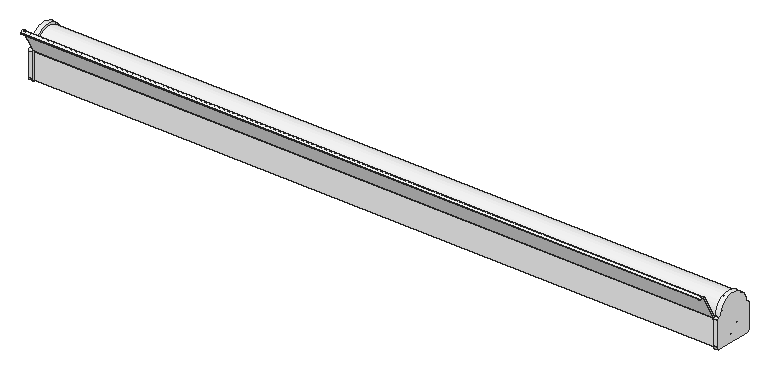
Revit family "0045197+0045234 Feilo Sylvania Lighting Fixture SYLBATTEN LED5-5 6000K DALI TP5 with ASYMMETRIC REFLECTOR ACCESSORY 1200MM", category Lighting Fixtures, host Face, Revit 2017
Family settings
  Host = Face
  Round Connector Dimension = Use Diameter
  Part Type = Normal
  OmniClass Number = 23.80.70.00
  OmniClass Title = Lighting
  Cut with Voids When Loaded = No
  Light Source = Yes
  Shared = No
  Room Calculation Point = No
Parameters (values of type "0045197 SYLBATTEN LED5.5 6000K DALI TP5")
  Width_FEILO = 66 mm
  Weight = "2.684 kg"
  Wattage Comments = "n/a"
  Wattage = 53 W
  WarrantyStartDate [instance] = "n/a"
  WarrantyGuarantorParts = "n/a"
  WarrantyDurationUnit = "n/a"
  WarrantyDurationParts = "n/a"
  WarrantyDescription = "n/a"
  built-in parameter 1150110 = 1 (stored number, unit not read)
  Voltage = 230 V
  URL = "http://www.sylvania-lighting.com"
  TypeName = "SYLBATTEN LED5.5 6000K DALI TP5"
  Type Image = <None>
  Type Comments = "n/a"
  built-in parameter 1114217 = 1 (stored number, unit not read)
  Tilt Angle = -90.00°
  built-in parameter 1150109 = 1 (stored number, unit not read)
  built-in parameter 1150134 = 5
  SymReflector_FEILO = no
  built-in parameter 1150113 = 1 (stored number, unit not read)
  SerialNumber [instance] = "n/a"
  PowerFactor = 0
  PowerConsumption = "53 W"
  Photometric Web File = "0045197+0045234.ies"
  NominalLength = 1205 mm
  NominalHeight = 76 mm
  NominalDepth = 66 mm
  Name = "SYLBATTEN LED5.5 6000K DALI TP5"
  ModelReference = Name  # "SYLBATTEN LED5.5 6000K DALI TP5"
  ModelNumber = "0045197"
  Model = Name  # "SYLBATTEN LED5.5 6000K DALI TP5"
  Material_4_FEILO = Reflector-Sylvania-Sylbatten-White
  Material_3_FEILO = Diffuser-Sylvania-Sylbatten-Glow
  Material_2_FEILO = Body-Sylvania-Sylbatten-White
  Material_1_FEILO = Body-Sylvania-Sylbatten-White
  Material = "sheet steel housing, polycarbonate diffuser"
  ManufacturerName = "Feilo Sylvania"
  Manufacturer = "Feilo Sylvania"
  LuminousEfficacy = "111 lm/W"
  built-in parameter 1150105 = 468.15 (stored number, unit not read)
  Lumens = 5883 lm
  LuminaireType = ""
  built-in parameter 1150115 = 1 (stored number, unit not read)
  LightOutputRatio = "100"
  built-in parameter 1150137 = (empty or 0)
  built-in parameter 1150139 = (empty or 0)
  Length_FEILO = 1205 mm
  LampsType = Lamp  # "LED"
  LampNominalLuminous = "5883 lm"
  LampMacAdamStep = "n/a"
  LampColourTemperature = "6000 K"
  LampColourRenderingIndex = "80"
  built-in parameter 1150112 = 1 (stored number, unit not read)
  built-in parameter 1150114 = 1 (stored number, unit not read)
  Lamp = "LED"
  Keynote = "16500"
  InstallationDate [instance] = "n/a"
  InputVoltage = "220-240V~"
  InputNominalFrequency = "n/a"
  built-in parameter 1150132 = (empty or 0)
  built-in parameter 1150102 = (empty or 0)
  built-in parameter 1150107 = 6000 (stored number, unit not read)
  built-in parameter 1150138 = (empty or 0)
  IngressProtection = "IP20"
  ImpactProtectionIndex = "IK07"
  built-in parameter 1150106 = 4.6815 (stored number, unit not read)
  IfcExportType = "IfcLightFixtureType"
  IfcExportAs = "IfcLightFixtureType"
  Height_FEILO = 76 mm
  ExpectedLife = 50000
  Emit from Rectangle Width = Length_FEILO - 16 mm  # 1189 mm
  Emit from Rectangle Length = Width_FEILO - 40 mm  # 26 mm
  Emit Shape Visible in Rendering = no
  ElectricShockClassification = "Class I"
  built-in parameter 1150104 = 10.312 (stored number, unit not read)
  DurationUnit = "hours"
  DocumentationLiterature = "http://www.sylvania-lighting.com/product/en-int/products/0045197"
  DimmingControlOptions = "Dimmable"
  Dimming Lamp Color Temperature Shift = <None>
  Description = "LED batten, T8 replacement, ease of installation through 2 part push-in design of the housing (safety cable included), through wiring capability (TP5 = 5 core), sheet steel, 5883LM, 53W, 111lm/W, 6000K, drive current: 350mA, CRI 80, 138° wide beam angle, DALI dimmable, IP20, IK07, 50,000 hrs (L70), (LxWxH) 1205x66x76mm, 5 step MacAdam ellipse, 3kg, white RAL 9016, Class 1, 220-240V, energy class: A++, A+, A."
  Default Elevation = 1219.2 mm
  CreatedOn = "2/22/2018"
  CreatedBy = ""
  Cost = 0
  Color Filter = 16777215
  built-in parameter 1114216 [instance] = (empty or 0)
  ClassificationValue = "EF_70_80"
  ClassificationName = "Uniclass2015"
  CapOffset_FEILO = 2 mm
  BarCode [instance] = "n/a"
  built-in parameter 1114218 = 1 (stored number, unit not read)
  BackReflector_FEILO = and(not(AsymReflector_FEILO), SymReflector_FEILO)  # no
  built-in parameter 1150133 = 10 (stored number, unit not read)
  FrontReflector_FEILO = or(AsymReflector_FEILO, SymReflector_FEILO)  # yes
  AsymReflector_FEILO = yes
  AssetType = "Fixed"
  AssetIdentifier [instance] = "n/a"
  Assembly Code = "D5020200"
  Apparent Load = 53 VA
Reference planes
  plane 1 "Center (Front/Back)": y = 0
  plane 2: z = 0
  plane 3 "Center (Left/Right)": x = 0
  plane 4: x = 602.5
  plane 5: x = -602.5
  plane 6: y = 33
  plane 7: y = -33
  plane 8: z = 76
  plane 9: z = 47
  plane 10: y = -29
  plane 11: y = 29
  plane 12: z = 20
  plane 13: z = 74
  plane 14: y = -31
  plane 15: y = -27
  plane 16: y = 27
  plane 17: y = 31
  plane 18: z = 2
  plane 19: x = -594.5
  plane 20: x = 594.5
  plane 21: z = 49
  plane 22: y = 1
  plane 23: y = -1
  plane 24: z = 21
  plane 25: z = 19
  plane 26: y = -61
  plane 27: y = 61
  plane 28: y = -56
  plane 29: y = 56
  plane 30: z = 91
  plane 31: z = 88
Forms (mm)
  Extrusion 1, solid, material "Body-Sylvania-Sylbatten-White" <- "Material_2_FEILO"
    sketch origin (0, 0, 0) x (0, 1, 0) y (0, 0, 1)
      loop
        line (-31, 2) -> (31, 2) -> (31, 45)
        arc (31, 45) -> (30.414, 46.414) -> (29, 47) r 2
        line (29, 47) -> (27, 47)
        arc (27, 47) -> (0, 74) -> (-27, 47) r 27
        line (-27, 47) -> (-29, 47)
        arc (-29, 47) -> (-30.414, 46.414) -> (-31, 45) r 2
        line (-31, 45) -> (-31, 2)
    from -594.5 to 594.5
  Extrusion 2, solid, material "Body-Sylvania-Sylbatten-White" <- "Material_2_FEILO"
    sketch origin (602.5, 1524, 1219.2) x (0, 1, 0) y (0, 0, 1)
      loop
        arc (-1494, -1219.2) -> (-1491.879, -1218.321) -> (-1491, -1216.2) r 3
        line (-1491, -1216.2) -> (-1491, -1173.2)
        arc (-1491, -1173.2) -> (-1491.879, -1171.079) -> (-1494, -1170.2) r 3
        line (-1494, -1170.2) -> (-1495.069, -1170.2)
        arc (-1495.069, -1170.2) -> (-1524, -1143.2) -> (-1552.931, -1170.2) r 29
        line (-1552.931, -1170.2) -> (-1554, -1170.2)
        arc (-1554, -1170.2) -> (-1556.121, -1171.079) -> (-1557, -1173.2) r 3
        line (-1557, -1173.2) -> (-1557, -1216.2)
        arc (-1557, -1216.2) -> (-1556.121, -1218.321) -> (-1554, -1219.2) r 3
        line (-1554, -1219.2) -> (-1494, -1219.2)
      loop
        arc (-1525, -1189.25) -> (-1531.071, -1192.129) -> (-1533.95, -1198.2) r 10
        line (-1533.95, -1198.2) -> (-1532.944, -1198.2)
        arc (-1532.944, -1198.2) -> (-1530.364, -1192.836) -> (-1525, -1190.256) r 9
        line (-1525, -1190.256) -> (-1525, -1189.25)
      loop
        arc (-1523, -1190.256) -> (-1517.636, -1192.836) -> (-1515.056, -1198.2) r 9
        line (-1515.056, -1198.2) -> (-1514.05, -1198.2)
        arc (-1514.05, -1198.2) -> (-1516.929, -1192.129) -> (-1523, -1189.25) r 10
        line (-1523, -1189.25) -> (-1523, -1190.256)
      loop
        line (-1532.944, -1200.2) -> (-1533.95, -1200.2)
        arc (-1533.95, -1200.2) -> (-1531.071, -1206.271) -> (-1525, -1209.15) r 10
        line (-1525, -1209.15) -> (-1525, -1208.144)
        arc (-1525, -1208.144) -> (-1530.364, -1205.564) -> (-1532.944, -1200.2) r 9
      loop
        arc (-1515.056, -1200.2) -> (-1517.636, -1205.564) -> (-1523, -1208.144) r 9
        line (-1523, -1208.144) -> (-1523, -1209.15)
        arc (-1523, -1209.15) -> (-1516.929, -1206.271) -> (-1514.05, -1200.2) r 10
        line (-1514.05, -1200.2) -> (-1515.056, -1200.2)
    from 0 to -8
  Extrusion 3, solid, material "Body-Sylvania-Sylbatten-White" <- "Material_2_FEILO"
    sketch origin (-602.5, 1524, 1219.2) x (0, 1, 0) y (0, 0, 1)
      loop
        arc (-1495.069, -1170.2) -> (-1524, -1143.2) -> (-1552.931, -1170.2) r 29
        line (-1552.931, -1170.2) -> (-1554, -1170.2)
        arc (-1554, -1170.2) -> (-1556.121, -1171.079) -> (-1557, -1173.2) r 3
        line (-1557, -1173.2) -> (-1557, -1216.2)
        arc (-1557, -1216.2) -> (-1556.121, -1218.321) -> (-1554, -1219.2) r 3
        line (-1554, -1219.2) -> (-1494, -1219.2)
        arc (-1494, -1219.2) -> (-1491.879, -1218.321) -> (-1491, -1216.2) r 3
        line (-1491, -1216.2) -> (-1491, -1173.2)
        arc (-1491, -1173.2) -> (-1491.879, -1171.079) -> (-1494, -1170.2) r 3
        line (-1494, -1170.2) -> (-1495.069, -1170.2)
      loop
        line (-1533.95, -1198.2) -> (-1532.944, -1198.2)
        arc (-1532.944, -1198.2) -> (-1530.364, -1192.836) -> (-1525, -1190.256) r 9
        line (-1525, -1190.256) -> (-1525, -1189.25)
        arc (-1525, -1189.25) -> (-1531.071, -1192.129) -> (-1533.95, -1198.2) r 10
      loop
        line (-1523, -1189.25) -> (-1523, -1190.256)
        arc (-1523, -1190.256) -> (-1517.636, -1192.836) -> (-1515.056, -1198.2) r 9
        line (-1515.056, -1198.2) -> (-1514.05, -1198.2)
        arc (-1514.05, -1198.2) -> (-1516.929, -1192.129) -> (-1523, -1189.25) r 10
      loop
        line (-1514.05, -1200.2) -> (-1515.056, -1200.2)
        arc (-1515.056, -1200.2) -> (-1517.636, -1205.564) -> (-1523, -1208.144) r 9
        line (-1523, -1208.144) -> (-1523, -1209.15)
        arc (-1523, -1209.15) -> (-1516.929, -1206.271) -> (-1514.05, -1200.2) r 10
      loop
        line (-1525, -1209.15) -> (-1525, -1208.144)
        arc (-1525, -1208.144) -> (-1530.364, -1205.564) -> (-1532.944, -1200.2) r 9
        line (-1532.944, -1200.2) -> (-1533.95, -1200.2)
        arc (-1533.95, -1200.2) -> (-1531.071, -1206.271) -> (-1525, -1209.15) r 10
    from 0 to 8
  Extrusion 4, solid, material "Reflector-Sylvania-Sylbatten-White" <- "Material_4_FEILO", visible <- "FrontReflector_FEILO"
    sketch origin (0, 0, 0) x (0, 1, 0) y (0, 0, 1)
      loop
        line (-61.257, 88.429) -> (-60.743, 87.571) -> (-56.621, 90.044)
        arc (-56.621, 90.044) -> (-56.237, 90.099) -> (-55.929, 89.863) r 0.5
        line (-55.929, 89.863) -> (-31.435, 46.753) -> (-30.565, 47.247) -> (-55.312, 90.802)
        arc (-55.312, 90.802) -> (-55.928, 91.275) -> (-56.696, 91.165) r 1
        line (-56.696, 91.165) -> (-61.257, 88.429)
    from -594.5 to 594.5
  Extrusion 5, solid, material "Reflector-Sylvania-Sylbatten-White" <- "Material_4_FEILO", visible <- "BackReflector_FEILO"
    sketch origin (0, 0, 0) x (0, 1, 0) y (0, 0, 1)
      loop
        line (30.565, 47.247) -> (31.435, 46.753) -> (55.932, 89.868)
        arc (55.932, 89.868) -> (56.245, 90.112) -> (56.638, 90.062) r 0.518
        line (56.638, 90.062) -> (61.033, 87.565) -> (61.527, 88.435) -> (56.682, 91.188)
        arc (56.682, 91.188) -> (55.922, 91.282) -> (55.318, 90.812) r 1
        line (55.318, 90.812) -> (30.565, 47.247)
    from -594.5 to 594.5
Lines and regions (mm)
  reference lines
    curve 1: line (0, -61, 88) -> (0, -56, 91)
    curve 2: line (0, -56, 91) -> (0, -31, 47)
    curve 3: line (0, 31, 47) -> (0, 56, 91)
    curve 4: line (0, 56, 91) -> (0, 61.28, 88)
Dimensions and locks
  equal spacing: plane 5, plane 3 "Center (Left/Right)", plane 4
  equal spacing: plane 7, plane 1 "Center (Front/Back)", plane 6
  "Width_FEILO": plane 7 to plane 6
  "Length_FEILO": plane 5 to plane 4
  "Height_FEILO": plane 8 to plane 2
  locked: plane 9 to plane 8 at 29
  equal spacing: plane 10, plane 1 "Center (Front/Back)", plane 11
  locked: plane 7 to plane 10 at 4
  locked: plane 12 to plane 2 at 20
  "CapOffset_FEILO": plane 13 to plane 8
  "CapOffset_FEILO": plane 7 to plane 14
  "CapOffset_FEILO": plane 10 to plane 15
  "CapOffset_FEILO": plane 17 to plane 6
  "CapOffset_FEILO": plane 16 to plane 11
  "CapOffset_FEILO": plane 18 to plane 2
  locked: plane 14 to Extrusion 1 sketch curve at 2
  locked: Extrusion 1 sketch curve to plane 9 at 2  (x2)
  locked: plane 16 to Extrusion 1 sketch curve at 2
  equal spacing: plane 19, plane 3 "Center (Left/Right)", plane 20
  locked: plane 5 to plane 19 at 8
  "CapOffset_FEILO": plane 9 to plane 21
  locked: Extrusion 2 sketch curve to plane 2 at 47
  locked: Extrusion 1 sketch curve to plane 2 at 47
  locked: Extrusion 2 sketch curve to plane 2 at 3  (x2)
  locked: plane 7 to Extrusion 2 sketch curve at 3  (x2)
  locked: Extrusion 2 sketch curve to plane 6 at 3  (x2)
  locked: Extrusion 2 sketch curve to plane 21 at 3  (x2)
  equal spacing: plane 23, plane 1 "Center (Front/Back)", plane 22
  equal spacing: plane 25, plane 12, plane 24
  plane 30 to plane 31 to plane 2 = 3 mm locked, 88 mm locked
  plane 28 to plane 29 = 112 mm
  plane 26 to plane 27 = 122 mm
  aligned and locked: plane 2 to host face
  aligned and locked: level to host face
  aligned and locked: plane 18 to Extrusion 1 sketch curve
  aligned and locked: plane 14 to Extrusion 1 sketch curve
  aligned and locked: Extrusion 1 sketch curve to plane 9  (x2)
  aligned and locked: Extrusion 1 sketch curve to plane 17
  aligned and locked: plane 15 to Extrusion 1 sketch curve
  aligned and locked: plane 16 to Extrusion 1 sketch curve
  aligned and locked: plane 9 to Extrusion 1 sketch curve
  aligned and locked: plane 20 to Extrusion 1
  aligned and locked: level to Extrusion 2 sketch curve
  aligned and locked: Extrusion 2 sketch curve to plane 7
  aligned and locked: plane 21 to Extrusion 2 sketch curve
  aligned and locked: Extrusion 2 sketch curve to plane 21
  aligned and locked: plane 1 "Center (Front/Back)" to Extrusion 2 sketch curve  (x3)
  aligned and locked: Extrusion 2 to Extrusion 1
  aligned and locked: plane 4 to Extrusion 2
  aligned and locked: plane 12 to Extrusion 2 sketch curve  (x2)
  aligned and locked: Extrusion 2 sketch curve to plane 22
  aligned and locked: Extrusion 2 sketch curve to plane 23
  aligned and locked: Extrusion 2 sketch curve to plane 24
  aligned and locked: Extrusion 2 sketch curve to plane 25
  aligned and locked: plane 25 to Extrusion 2 sketch curve
  aligned and locked: plane 22 to Extrusion 2 sketch curve
  aligned and locked: plane 24 to Extrusion 2 sketch curve
  aligned and locked: plane 23 to Extrusion 2 sketch curve  (x2)
  aligned and locked: Extrusion 3 sketch curve to Extrusion 2  (x22)
  aligned and locked: Extrusion 3 to Extrusion 1
  aligned and locked: Extrusion 3 to plane 5
  aligned and locked: plane 19 to Extrusion 3
  aligned and locked: plane 31 to curve 1
  aligned and locked: plane 30 to curve 1
  aligned and locked: plane 14 to curve 2
  aligned and locked: plane 9 to curve 2
  aligned and locked: plane 17 to curve 3
  aligned and locked: plane 30 to curve 3
  aligned and locked: plane 31 to curve 4
  aligned and locked: Extrusion 4 sketch curve to curve 2
  aligned and locked: Extrusion 4 sketch curve to curve 1
  aligned and locked: Extrusion 4 to Extrusion 1
  aligned and locked: Extrusion 1 to Extrusion 4
  aligned and locked: imposter light to plane 1 "Center (Front/Back)"
  aligned and locked: imposter light to plane 3 "Center (Left/Right)"
  aligned and locked: imposter light to plane 13
  aligned and locked: Extrusion 5 sketch curve to curve 4
  aligned and locked: Extrusion 5 sketch curve to curve 3
  aligned and locked: Extrusion 1 to Extrusion 5
  aligned and locked: Extrusion 5 to Extrusion 1
Automatic sketch dimensions
  host sketch curve to host sketch curve = 2438.4 mm  (x2)
  Extrusion 2 sketch curve to Extrusion 2 sketch curve = 0 mm  (x14)
  Extrusion 2 sketch curve to plane 10 = 0.069 mm
  plane 23 to Extrusion 2 sketch curve = 8.95 mm
  Extrusion 2 sketch curve to Extrusion 2 sketch curve = 1.006 mm  (x4)
  Extrusion 2 sketch curve to plane 22 = 7.944 mm
  curve 1 to plane 26 = 0 mm
  curve 2 to plane 28 = 0 mm
  curve 4 to plane 29 = 0 mm
  plane 9 to curve 3 = 0 mm
  plane 26 to Extrusion 4 sketch curve = 0.257 mm
  Extrusion 4 sketch curve to plane 26 = 0.257 mm
  Extrusion 4 sketch curve to plane 30 = 0.165 mm
  plane 28 to Extrusion 4 sketch curve = 0.696 mm
  plane 28 to Extrusion 4 sketch curve = 0.621 mm
  plane 28 to Extrusion 4 sketch curve = 0.364 mm
  plane 28 to Extrusion 4 sketch curve = 0.182 mm
  Extrusion 4 sketch curve to plane 28 = 0.071 mm
  plane 30 to Extrusion 4 sketch curve = 0.198 mm
  Extrusion 4 sketch curve to plane 28 = 0.688 mm
  plane 9 to Extrusion 4 sketch curve = 0.247 mm
  plane 1 "Center (Front/Back)" to Extrusion 4 sketch curve = 31.435 mm
  Extrusion 5 sketch curve to plane 9 = 0.247 mm
  Extrusion 5 sketch curve to plane 1 "Center (Front/Back)" = 30.565 mm
  plane 9 to Extrusion 5 sketch curve = 0.247 mm
  plane 30 to Extrusion 5 sketch curve = 0.188 mm
  plane 29 to Extrusion 5 sketch curve = 0.068 mm
  Extrusion 5 sketch curve to plane 29 = 0.188 mm
  Extrusion 5 sketch curve to plane 29 = 0.382 mm
  Extrusion 5 sketch curve to Extrusion 5 sketch curve = 0.256 mm
  Extrusion 5 sketch curve to plane 30 = 0.188 mm
  Extrusion 5 sketch curve to plane 29 = 0.682 mm
  Extrusion 5 sketch curve to plane 27 = 0.033 mm
  Extrusion 5 sketch curve to plane 27 = 0.527 mm
Connectors
  electrical at (0, 0, 0), driven by "Apparent Load", driven by "PowerFactor", driven by "Voltage"
    settings: index 1, voltage 230 V, apparent load 53 VA, apparent load phase1 0 VA, apparent load phase2 0 VA, apparent load phase3 0 VA, power factor 0, load classification "Lighting", number of poles 1, system type 30, power factor state 1, is connector primary yes, connector utility no, sub classification motor no, connector description ""
